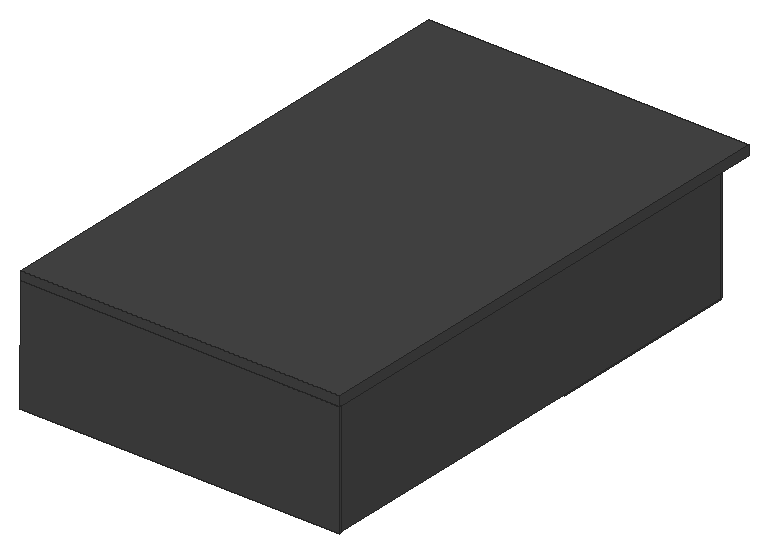
Revit family "NBS_DudleyIndustriesLimited_BthrmCbnts_ModuloSlimlineBehindTheMirrorHandHygieneSystemCabinet_92407BK-600mm", category Casework, host Face, Revit 2019
Family settings
  Host = Face
  Cut with Voids When Loaded = No
  Shared = No
  Room Calculation Point = No
Parameters (values of type "92407BK Modulo Slimline Cabinet 600 mm")
  WarrantyStartDate [instance] = "1900-12-31T23:59:59"
  WarrantyGuarantorParts = "n/a"
  WarrantyGuarantorLabor = "n/a"
  WarrantyDurationUnit = "year"
  WarrantyDurationParts = "Ten year"
  WarrantyDurationLabor = "n/a"
  WarrantyDescription = "Ten year"
  Version = "1"  # constant formula
  Uniclass2015Version = "Products v1.22"
  Uniclass2015Title = "Bathroom cabinets"
  Uniclass2015Code = "Pr_40_30_87_03"
  TagNumber [instance] = "n/a"
  SustainabilityPerformance = "n/a"
  SizeNominal = "600 x 960 x 230 mm"
  Size = "600 x 960 x 230 mm"
  ShelvesMaterial = "n/a"
  ShelvesFinishAndColour = "n/a"
  ShelvesArrangement = "n/a"
  Shape = "Rectangle"
  SerialNumber [instance] = "n/a"
  ReplacementCost = "n/a"
  RecycledContent = "n/a"
  Recyclability = "n/a"
  ProductInformation = "n/a"
  NominalWidth = 600 mm
  NominalLength = 0 mm
  NominalHeight = 960 mm
  Name = "BathroomCabinets_ModuloSlimlineBehindTheMirrorHandHygieneSystem, Cabinet_92407BK-600mm_DudleyIndustriesLimited"
  NBSCertification = "www.nationalbimlibrary.com/cert/0j2qu0c5"
  ModelReference = "92407BK Modulo Slimline Cabinet 600 mm"
  ModelNumber = "n/a"
  Material = "Stainless steel"
  ManufacturerURL = "www.dudleyindustries.com"
  ManufacturerName = "Dudley Industries Limited"  # constant formula
  Manufacturer = "sales@dudleyindustries.com"
  IntegralAccessories = "Integrated fixings"
  InstallationDate [instance] = "1900-12-31T23:59:59"
  IfcExportType = "NOTDEFINED"  # constant formula
  IfcExportAs = "IfcFurnitureType"  # constant formula
  Grade = "n/a"
  Form = "Wall mounted"
  Finish = "Powder coated"
  Features = "n/a"
  ExpectedLife = "n/a"
  EmbodiedCarbon = "n/a"
  DurationUnit = "year"
  DoorsMaterial = "Glass, mirrored to exterior"
  DoorsHinges = "Gas struts ensuring easy opening"
  DoorsHandles = "Concealed"
  DoorsFinishAndColour = "Mirrored"
  DoorsEdges = "Square"
  DoorsArrangement = "Horizontal, top hung"
  Description = "Bathroom cabinet"
  Default Elevation = 1219.2 mm
  CountryOfProductManufacture = "n/a"
  CountryOfMaterialOrigin = "n/a"
  ContainsRedListMaterials = "n/a"
  Constituents = "n/a"
  Color = "Black"
  CodePerformance = "n/a"
  Category = "Pr_40_30_87_03:Bathroom cabinets"
  CarcassMaterials = "Stainless steel"
  CarcassFinishAndColour = "Matte black, powder coated"
  CabinetWidth = 600 mm
  CabinetMaterial = NBS_DudleyIndustriesLimited_StainlessSteel_MatteBlackPowderCoated
  CabinetHeight = 960 mm  # constant formula
  CabinetDoorVisible = yes
  CabinetDepth = 234.3 mm  # constant formula
  BlankingPlates = "Not required.,Required"
  BarCode [instance] = "n/a"
  BIMObjectName = "NBS_DudleyIndustriesLimited_BathroomCabinets_ModuloSlimlineBehindTheMirrorHandHygieneSystemCabinet_92407BK-600mm"
  Author = "NBS"  # constant formula
  AssetType = "Fixed"
  AssetIdentifier [instance] = "n/a"
  Accessories = "n/a"
  AccessibilityPerformance = "n/a"
Reference planes
  plane 1 "Center (Front/Back)": y = 0
  plane 2 "Back": z = 0
  plane 3 "Center (Left/Right)": x = 0
  plane 4 "Right": x = 300
  plane 5 "Left": x = -300
  plane 6: z = 234.3
  plane 7: z = 216.005
  plane 8: z = 2
  plane 9: y = 417.561
  plane 10: y = 415.661
  plane 11: y = 480.9
  plane 12 "Top": y = 479.7
  plane 13 "Bottom": y = -479.839
  plane 14: y = -477.939
  plane 15: z = 214
  plane 16: y = -479.7
  plane 17 "Front": z = 232.205
  plane 18: z = 228.105
  plane 19: x = -299.2
  plane 20: x = 299.2
  plane 21: y = 49.3
  plane 22: y = 69.3
Forms (mm)
  Extrusion 1, solid, material "NBS_DudleyIndustriesLimited_StainlessSteel_MatteBlackPowderCoated" <- "CabinetMaterial", visible <- "CabinetDoorVisible", detail levels medium+fine
    sketch origin (0, 0, 0) x (0, 1, 0) y (0, 0, 1)
      loop
        line (-479.7, 232.205) -> (-479.7, 214) -> (479.7, 214) -> (479.7, 232.205) -> (-479.7, 232.205)
    from -300 to 300
  Extrusion 2, solid, material "NBS_DudleyIndustriesLimited_StainlessSteel_MatteBlackPowderCoated" <- "CabinetMaterial", detail levels medium+fine
    sketch origin (0, 0, 0) x (0, 1, 0) y (0, 0, 1)
      loop
        line (-479.839, 214) -> (-479.839, 0) -> (-477.939, 0) -> (-477.939, 214) -> (-479.839, 214)
      loop
        line (415.661, 214) -> (415.661, 2) -> (417.561, 2) -> (417.561, 214) -> (415.661, 214)
    from -300 to 300
  Extrusion 3, solid, material "NBS_DudleyIndustriesLimited_StainlessSteel_MatteBlackPowderCoated" <- "CabinetMaterial", detail levels medium+fine
    sketch origin (0, 0, 0) x (0, 1, 0) y (0, 0, 1)
      loop
        line (49.3, 2) -> (49.3, 0) -> (415.661, 0) -> (415.661, 2) -> (49.3, 2)
    from -300 to 300
  Extrusion 4, solid, material "NBS_DudleyIndustriesLimited_StainlessSteel_MatteBlackPowderCoated" <- "CabinetMaterial", detail levels medium+fine
    sketch origin (0, 0, 0) x (1, 0, 0) y (0, 1, 0)
      loop
        line (-300, 415.661) -> (-300, -477.939) -> (-299.2, -477.939) -> (-299.2, 415.661) -> (-300, 415.661)
      loop
        line (300, 415.661) -> (299.2, 415.661) -> (299.2, -477.939) -> (300, -477.939) -> (300, 415.661)
    from 2 to 214
  Extrusion 5, solid, material "NBS_DudleyIndustriesLimited_StainlessSteel_MatteBlackPowderCoated" <- "CabinetMaterial", detail levels medium+fine
    sketch origin (0, 0, 0) x (1, 0, 0) y (0, 1, 0)
      loop
        line (-299.2, 69.3) -> (-299.2, 49.3) -> (299.2, 49.3) -> (299.2, 69.3) -> (-299.2, 69.3)
    from 2 to 214
  Extrusion 6, solid, material "NBS_DudleyIndustriesLimited_StainlessSteel_MatteBlackPowderCoated" <- "CabinetMaterial", detail levels coarse
    sketch origin (0, 0, 0) x (0, 1, 0) y (0, 0, 1)
      loop
        line (-479.7, 232.205) -> (-479.7, 0) -> (417.561, 0) -> (417.561, 214) -> (479.7, 214) -> (479.7, 232.205) -> (-479.7, 232.205)
    from -300 to 300
Dimensions and locks
  equal spacing: plane 5 "Left", plane 3 "Center (Left/Right)", plane 4 "Right"
  "CabinetWidth": plane 5 "Left" to plane 4 "Right"
  "CabinetDepth": plane 6 to plane 2 "Back"
  plane 13 "Bottom" to plane 11 = 960.739 mm
  locked: plane 20 to plane 4 "Right" at 0.8
  locked: plane 5 "Left" to plane 19 at 0.8
  aligned and locked: plane 2 "Back" to host face
  aligned and locked: level to host face
  aligned and locked: plane 12 "Top" to Extrusion 1 sketch curve
  aligned and locked: plane 17 "Front" to Extrusion 1 sketch curve
  aligned and locked: Extrusion 1 sketch curve to plane 16
  aligned and locked: Extrusion 1 to plane 5 "Left"
  aligned and locked: plane 4 "Right" to Extrusion 1
  aligned and locked: Extrusion 2 sketch curve to plane 13 "Bottom"
  aligned and locked: plane 14 to Extrusion 2 sketch curve
  aligned and locked: Extrusion 2 sketch curve to plane 15  (x2)
  aligned and locked: Extrusion 2 sketch curve to plane 10
  aligned and locked: plane 9 to Extrusion 2 sketch curve
  aligned and locked: Extrusion 2 to plane 5 "Left"
  aligned and locked: plane 4 "Right" to Extrusion 2
  aligned and locked: plane 10 to Extrusion 3 sketch curve
  aligned and locked: Extrusion 3 sketch curve to plane 8
  aligned and locked: plane 2 "Back" to Extrusion 3 sketch curve
  aligned and locked: plane 4 "Right" to Extrusion 3
  aligned and locked: Extrusion 3 to plane 5 "Left"
  aligned and locked: Extrusion 4 sketch curve to plane 14
  aligned and locked: plane 5 "Left" to Extrusion 4 sketch curve
  aligned and locked: Extrusion 4 sketch curve to plane 19
  aligned and locked: plane 10 to Extrusion 4 sketch curve
  aligned and locked: plane 4 "Right" to Extrusion 4 sketch curve
  aligned and locked: Extrusion 4 sketch curve to plane 10
  aligned and locked: Extrusion 4 sketch curve to plane 20
  aligned and locked: plane 14 to Extrusion 4 sketch curve
  aligned and locked: Extrusion 4 to plane 8
  aligned and locked: plane 15 to Extrusion 4
  aligned and locked: plane 15 to Extrusion 1 sketch curve
  aligned and locked: plane 22 to Extrusion 5 sketch curve
  aligned and locked: Extrusion 5 sketch curve to plane 21
  aligned and locked: Extrusion 5 sketch curve to plane 20
  aligned and locked: plane 19 to Extrusion 5 sketch curve
  aligned and locked: Extrusion 5 to plane 8
  aligned and locked: plane 15 to Extrusion 5
  aligned and locked: Extrusion 3 sketch curve to plane 21
  aligned and locked: plane 2 "Back" to Extrusion 2 sketch curve
  aligned and locked: plane 17 "Front" to Extrusion 6 sketch curve
  aligned and locked: plane 12 "Top" to Extrusion 6 sketch curve
  aligned and locked: plane 15 to Extrusion 6 sketch curve
  aligned and locked: plane 9 to Extrusion 6 sketch curve
  aligned and locked: Extrusion 6 sketch curve to plane 16
  aligned and locked: plane 2 "Back" to Extrusion 6 sketch curve
  aligned and locked: Extrusion 6 to plane 5 "Left"
  aligned and locked: plane 4 "Right" to Extrusion 6
Automatic sketch dimensions
  host sketch curve to host sketch curve = 2438.4 mm  (x2)
  Extrusion 2 sketch curve to plane 8 = 0 mm
